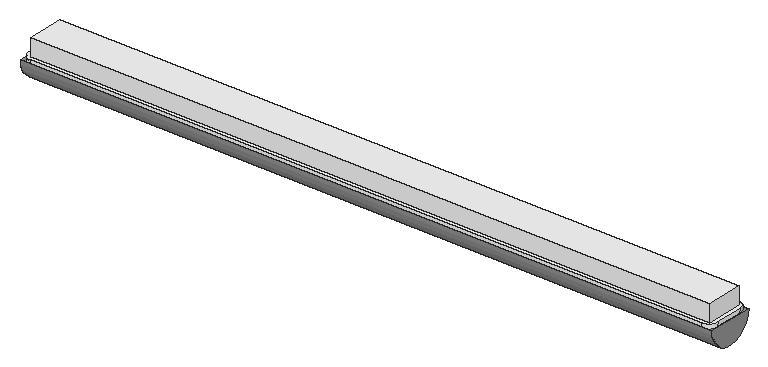
Revit family "ARGON-PLAF_IP65_40W_PC_OPAL+_CONNECT_RAPIDES_1200MM", category Lighting Fixtures, host Ceiling, Revit 2021
Family settings
  Host = Ceiling
  Round Connector Dimension = Use Diameter
  Part Type = Normal
  OmniClass Number = 23.80.70.11
  OmniClass Title = Luminaries for Internal Lighting
  Always vertical = Yes
  Cut with Voids When Loaded = No
  Light Source = Yes
  Shared = No
  Room Calculation Point = No
Parameters
  Wattage Comments = "40W"
  Wattage = 27.3593 W
  built-in parameter 1150110 = 1 (stored number, unit not read)
  URL = "https://www.lucera.fr/"
  built-in parameter 1114217 = 1 (stored number, unit not read)
  Tilt Angle = 90.00°
  built-in parameter 1150109 = 1 (stored number, unit not read)
  built-in parameter 1150134 = 12
  built-in parameter 1150113 = 1 (stored number, unit not read)
  Puissance nominale = "40W"
  Photometric Web File = "google_eulumdat_converter.ies"
  Matériau = "ABS"
  Manufacturer = "Lucera - Lucera (c) 06/01/2021 16:38:18 +01:00"  # constant formula
  Maintien du flux = "L80B10 (50 000 heures)"
  Lumens = 4064 lm
  built-in parameter 1150115 = 1 (stored number, unit not read)
  built-in parameter 1150105 = 323.4 (stored number, unit not read)
  built-in parameter 1150137 = (empty or 0)
  built-in parameter 1150139 = (empty or 0)
  built-in parameter 1150112 = 1 (stored number, unit not read)
  built-in parameter 1150114 = 1 (stored number, unit not read)
  Lamp = "LED SMD 2835"
  built-in parameter 1150132 = 2
  built-in parameter 1150102 = (empty or 0)
  built-in parameter 1150138 = (empty or 0)
  built-in parameter 1150107 = 4000 (stored number, unit not read)
  built-in parameter 1150106 = 3.234 (stored number, unit not read)
  IRC = "80"
  Emit from Line Length = 609.60 mm
  built-in parameter 1150104 = 13.8 (stored number, unit not read)
  Durée de vie = "50 000 heures"
  Driver = "Driver OEM"
  Dimming Lamp Color Temperature Shift = <None>
  Dimensions = "1140 x 75 x 66 mm"
  Diffuseur = "Polycarbonate opale"
  Default Elevation = 0.00 mm
  Color Filter = 16777215
  built-in parameter 1114218 = 1 (stored number, unit not read)
  built-in parameter 1150133 = 10 (stored number, unit not read)
  Alimentation luminaire = "510mA/60-80V dc"
  Alimentation Driver = "AC 220-240V"
Reference planes
  plane 1 "Light Source Axis (F/B)": y = 0
  plane 2 "Ceiling": z = 2438.4
  plane 3 "Light Source Axis (L/R)": x = 0
  plane 4 "Light Source Elevation": z = 2336.8
Forms (mm)
  Extrusion 1, solid, material "ABS"
    sketch origin (0, 0, 2336.8) x (0, -1, 0) y (1, 0, 0)
      loop
        line (-37.5, 553.316) -> (-37.5, -552.634)
        arc (-37.5, -552.634) -> (-33.077, -563.311) -> (-22.4, -567.734) r 15.1
        line (-22.4, -567.734) -> (22.4, -567.734)
        arc (22.4, -567.734) -> (33.077, -563.311) -> (37.5, -552.634) r 15.1
        line (37.5, -552.634) -> (37.5, 553.316)
        arc (37.5, 553.316) -> (33.077, 563.994) -> (22.4, 568.416) r 15.1
        line (22.4, 568.416) -> (-22.4, 568.416)
        arc (-22.4, 568.416) -> (-33.077, 563.994) -> (-37.5, 553.316) r 15.1
    from 0 to 5.874
  Extrusion 2, solid, material "Polycarbonate opale"
    sketch origin (0, 0, 0) x (0, 1, 0) y (0, 0, 1)
      loop
        arc (-37.5, 2336.8) -> (0, 2299.3) -> (37.5, 2336.8) r 37.5
        line (37.5, 2336.8) -> (-37.5, 2336.8)
    from -570 to 570
  Extrusion 3, solid, material "ABS"
    sketch origin (0, 0.679, -0.048) x (0, 1, 0) y (0, 0, 1)
      loop
        line (-30.679, 2369.8) -> (-30.679, 2342.674) -> (29.95, 2342.674) -> (29.95, 2369.8) -> (-30.679, 2369.8)
    from -558.67 to 559.903
Lines and regions (mm)
  reference lines
    curve 1: line (-570, 0, 2336.8) -> (570, 0, 2336.8)
    curve 2: line (0, 0, 2336.8) -> (0, 0, 2369.8)
    curve 3: line (0, 0, 2336.8) -> (0, 0, 2303.8)
Dimensions and locks
  equal spacing: host sketch curve, plane 3 "Light Source Axis (L/R)", host sketch curve
  equal spacing: host sketch curve, plane 1 "Light Source Axis (F/B)", host sketch curve
  host sketch curve to host sketch curve = 3048.00 mm  (x2)
  aligned and locked: plane 3 "Light Source Axis (L/R)" to imposter light
  aligned and locked: plane 1 "Light Source Axis (F/B)" to imposter light
  aligned and locked: plane 4 "Light Source Elevation" to imposter light
